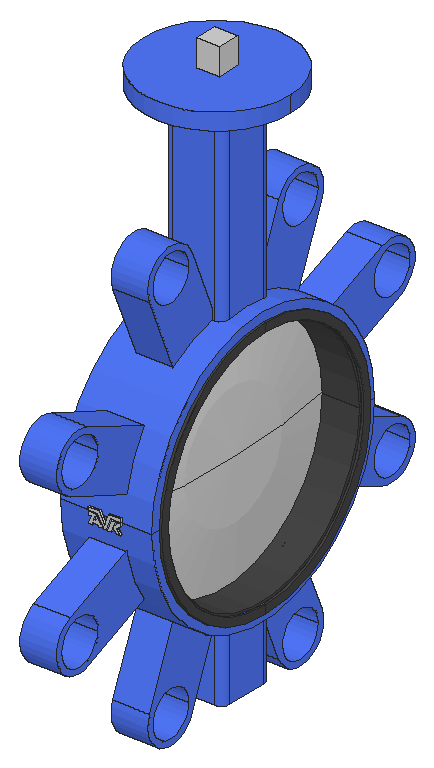
Revit family "820-10-032-DN80-150", category Pipe Accessories, Revit 2022
Family settings
  Round Connector Dimension = Use Diameter
  Part Type = Valve - Breaks Into
  Work Plane-Based = No
  Always vertical = Yes
  Cut with Voids When Loaded = No
  Shared = No
Parameters (values of type "DN150_PN10/16")
  fillet = 2 * Body_wallthickness  # 20 mm
  disk = LUG_T * 0.7  # 15.68 mm
  Rubber_R = (Body_wallthickness / 2) + ID  # 80 mm
  Lug_D1 = Lug_D * 1.75  # 30.625 mm
  W2_ref = size_lookup(Search_table, "W2", 0 mm, DN)  # 210 mm
  URL product pages = "https://www.avkvalves.com/P.aspx?no=820008010541E0160002"
  Search_table = "820-10-032-DN80-150"
  PCD = size_lookup(Search_table, "PCD", 0 mm, DN) / 2  # 125 mm
  Lug_D = (Hole_dia / 2) * 1.25  # 17.5 mm
  L_ref_3 = L_ref / 1.2  # 30 mm
  L_ref_2 = L_ref * 2  # 72 mm
  L_ref = L - (Flange_thickness * 2)  # 36 mm
  LUG_T = L * 0.4  # 22.4 mm
  L2 = size_lookup(Search_table, "L2", 0 mm, DN) / 2  # 137 mm
  L = size_lookup(Search_table, "L", 0 mm, DN)  # 56 mm
  ID = DN / 2  # 75 mm
  Hole_l = L2 - Lug_D  # 119.5 mm
  Hole_dia = size_lookup(Search_table, "Hole_dia", 0 mm, DN)  # 28 mm
  H2 = size_lookup(Search_table, "H2", 0 mm, DN)  # 128 mm
  Flange_thickness = size_lookup(Search_table, "Flange_Thickness", 0 mm, DN)  # 10 mm
  F2 = size_lookup(Search_table, "F2", 0 mm, DN)  # 16 mm
  F = size_lookup(Search_table, "F", 0 mm, DN)  # 14 mm
  EPDM = ID - 1 mm  # 74 mm
  Description_ = "AVK CENTRIC BUTTERFLY VALVE LUG TYPE, PN10/16"
  Default Elevation = 0 mm
  DN = 150 mm
  Body_wallthickness = 10 mm  # constant formula
  DN150_PN10/16 = "820-0150-10-541E0160002"
  DN125_PN10/16 = "820-0125-10-541E0160002"
  DN100_PN10/16 = "820-0100-10-541E0160002"
  DN080_PN10/16 = "820-0080-10-541E0160002"
  Actuator_Dia = size_lookup(Search_table, "Actuator_Dia", 0 mm, DN)  # 90 mm
  2 = 2 mm  # constant formula
Types (5, lengths in mm): name | disk | Rubber_R | Lug_D1 | W2_ref | PCD | Lug_D | L_ref_3 | L_ref_2 | L_ref | LUG_T | L2 | L | ID | Hole_l | Hole_dia | H2 | F2 | F | EPDM | DN | Actuator_Dia
  (no name) | 15.68 | 80 | 30.625 | 210 | 125 | 17.5 | 30 | 72 | 36 | 22.4 | 137 | 56 | 75 | 119.5 | 28 | 128 | 16 | 14 | 74 | 150 | 90
  DN080_PN10/16 | 12.88 | 45 | 20.781 | 160 | 80 | 11.875 | 21.667 | 52 | 26 | 18.4 | 94 | 46 | 40 | 82.125 | 19 | 88 | 12 | 11 | 39 | 80 | 65
  DN100_PN10/16 | 14.56 | 55 | 25.156 | 180 | 95 | 14.375 | 26.667 | 64 | 32 | 20.8 | 109.5 | 52 | 50 | 95.125 | 23 | 102 | 12 | 11 | 49 | 100 | 90
  DN125_PN10/16 | 15.68 | 67.5 | 30.625 | 195 | 110 | 17.5 | 30 | 72 | 36 | 22.4 | 124 | 56 | 62.5 | 106.5 | 28 | 116 | 16 | 14 | 61.5 | 125 | 90
  DN150_PN10/16 | 15.68 | 80 | 30.625 | 210 | 125 | 17.5 | 30 | 72 | 36 | 22.4 | 137 | 56 | 75 | 119.5 | 28 | 128 | 16 | 14 | 74 | 150 | 90
Reference planes
  plane 1 "Center (Front/Back)": y = 0
  plane 2: z = 0
  plane 3 "Center (Left/Right)": x = 0
  plane 4: z = 210
  plane 5: z = -128
  plane 6: y = 18
  plane 7: x = -18
  plane 8: y = -18
  plane 9: x = 18
  plane 10: x = -13
  plane 11: x = 13
  plane 12: y = -13
  plane 13: y = -13
  plane 14: x = -13
  plane 15: x = 13
  plane 16: y = 13
  plane 17: y = 13
  plane 18: z = 226
  plane 19: z = 75
  plane 20: z = -75
  plane 21: y = -137
  plane 22: y = 137
  plane 23: x = -28
  plane 24: x = 28
  plane 25: through (0, 0, 0) normal (0, 0.9239, 0.3827)
  plane 26: x = -11.2
  plane 27: x = 11.2
  plane 28: through (0, 0, 0) normal (0, 0.9239, -0.3827)
  plane 29: through (0, 0, 0) normal (0, 0.3827, 0.9239)
  plane 30: through (0, 0, 0) normal (0, -0.3827, 0.9239)
  plane 31: x = -7
  plane 32: x = 7
  plane 33: through (0, 0, 0) normal (0, 0.3827, 0.9239)
  plane 34: y = 45
  plane 35: y = -45
  plane 36: x = -45
  plane 37: x = 45
Forms (mm)
  Revolve 1, solid, material "Plastic"
    sketch origin (0, 0, 0) x (1, 0, 0) y (0, 1, 0)
      loop
        line (-28, 85) -> (-28, 75) -> (28, 75) -> (28, 85) -> (-28, 85)
      axis (-28, 0) -> (28, 0)
    angle from 0 to 360
  Extrusion 2, solid, material "Plastic"
    sketch origin (0, 0, 0) x (1, 0, 0) y (0, 1, 0)
      loop
        arc (-13, 18) -> (-16.536, 16.536) -> (-18, 13) r 5
        line (-18, 13) -> (-18, -13)
        arc (-18, -13) -> (-16.536, -16.536) -> (-13, -18) r 5
        line (-13, -18) -> (13, -18)
        arc (13, -18) -> (16.536, -16.536) -> (18, -13) r 5
        line (18, -13) -> (18, 13)
        arc (18, 13) -> (16.536, 16.536) -> (13, 18) r 5
        line (13, 18) -> (-13, 18)
    from -128 to 200
  Extrusion 3, solid, material "Plastic"
    sketch origin (0, 0, 0) x (1, 0, 0) y (0, 1, 0)
      loop
        circle (0, 0) r 45
    from 200 to 210
  Extrusion 4, solid, material "Stainless Steel AISI 304"
    sketch origin (0, 0, 0) x (1, 0, 0) y (0, 1, 0)
      loop
        line (-7, 7) -> (-7, -7) -> (7, -7) -> (7, 7) -> (-7, 7)
    from 210 to 226
  Revolve 5, void
    sketch origin (0, 0, 0) x (1, 0, 0) y (0, 1, 0)
      loop
        line (-28, 75) -> (-28, 0) -> (28, 0) -> (28, 75) -> (-28, 75)
      axis (-28, 0) -> (28, 0)
    angle from 0 to 360
  Extrusion 6, solid, material "Plastic"
    sketch origin (0, 0, 0) x (0, 1, 0) y (0, 0, 1)
      loop
        arc (-33.331, 126.197) -> (-56.195, 135.668) -> (-65.666, 112.803) r 17.5
        line (-65.666, 112.803) -> (33.331, -126.197)
        arc (33.331, -126.197) -> (56.195, -135.668) -> (65.666, -112.803) r 17.5
        line (65.666, -112.803) -> (-33.331, 126.197)
      loop
        circle (-49.499, 119.5) r 14
      loop
        circle (49.499, -119.5) r 14
    from -11.2 to 11.2
  Extrusion 7, solid, material "Plastic"
    sketch origin (0, 0, 0) x (0, -1, 0) y (0, 0, -1)
      loop
        line (-33.331, -126.197) -> (65.666, 112.803)
        arc (65.666, 112.803) -> (56.195, 135.668) -> (33.331, 126.197) r 17.5
        line (33.331, 126.197) -> (-65.666, -112.803)
        arc (-65.666, -112.803) -> (-56.195, -135.668) -> (-33.331, -126.197) r 17.5
      loop
        circle (-49.499, -119.5) r 14
      loop
        circle (49.499, 119.5) r 14
    from -11.2 to 11.2
  Extrusion 8, solid, material "Plastic"
    sketch origin (0, 0, 0) x (0, 1, 0) y (0, 0, 1)
      loop
        line (126.197, -33.331) -> (-112.803, 65.666)
        arc (-112.803, 65.666) -> (-135.668, 56.195) -> (-126.197, 33.331) r 17.5
        line (-126.197, 33.331) -> (112.803, -65.666)
        arc (112.803, -65.666) -> (135.668, -56.195) -> (126.197, -33.331) r 17.5
      loop
        circle (-119.5, 49.499) r 14
      loop
        circle (119.5, -49.499) r 14
    from -11.2 to 11.2
  Extrusion 9, solid, material "Plastic"
    sketch origin (0, 0, 0) x (0, 1, 0) y (0, 0, 1)
      loop
        arc (126.197, 33.331) -> (135.668, 56.195) -> (112.803, 65.666) r 17.5
        line (112.803, 65.666) -> (-126.197, -33.331)
        arc (-126.197, -33.331) -> (-135.668, -56.195) -> (-112.803, -65.666) r 17.5
        line (-112.803, -65.666) -> (126.197, 33.331)
      loop
        circle (-119.5, -49.499) r 14
      loop
        circle (119.5, 49.499) r 14
    from 11.2 to -11.2
  Extrusion 10, void
    sketch origin (0, 0, 0) x (0, -1, 0) y (0, 0, 1)
      loop
        circle (0, 0) r 75
    from -28 to 28
  Revolve 11, solid, material "Stainless Steel AISI 304"
    sketch origin (0, 0, 0) x (1, 0, 0) y (0, 1, 0)
      loop
        line (-11.2, 0) -> (11.2, 0)
        arc (11.2, 0) -> (10.018, 37.695) -> (4.48, 75) r 325.233
        line (4.48, 75) -> (-4.48, 75)
        arc (-4.48, 75) -> (-10.018, 37.695) -> (-11.2, 0) r 325.233
      axis (11.2, 0) -> (-11.2, 0)
    angle from 0 to 360
  Revolve 12, solid, material "Default Wall"
    sketch origin (0, 0, 0) x (1, 0, 0) y (0, 1, 0)
      loop
        line (-28, 75) -> (-28, 74) -> (28, 74) -> (28, 75) -> (-28, 75)
      axis (28, 0) -> (-28, 0)
    angle from 0 to 360
  Revolve 13, solid, material "Default Wall"
    sketch origin (0, 0, 0) x (1, 0, 0) y (0, 0, 1)
      loop
        line (30, 80) -> (28, 80) -> (28, 75) -> (30, 75) -> (30, 80)
      loop
        line (-28, 80) -> (-30, 80) -> (-30, 75) -> (-28, 75) -> (-28, 80)
      axis (30, 0) -> (-30, 0)
    angle from 0 to 360
Cuts and joins
  Revolve 5, Extrusion 10 cuts Revolve 1
  Revolve 5, Extrusion 10 cuts Extrusion 2
  Extrusion 10 cuts Extrusion 6
  Extrusion 10 cuts Extrusion 7
  Extrusion 10 cuts Extrusion 8
  Extrusion 10 cuts Extrusion 9
Dimensions and locks
  equal spacing: Revolve 1 sketch curve, plane 3 "Center (Left/Right)", Revolve 1 sketch curve
  "ID": plane 1 "Center (Front/Back)" to Revolve 1 sketch curve
  "Body_wallthickness": Revolve 1 sketch curve to Revolve 1 sketch curve
  "W2_ref": plane 4 to level
  "H2": level to plane 5
  locked: plane 7 to plane 10 at 5
  locked: plane 11 to plane 9 at 5
  locked: plane 6 to plane 16 at 5
  locked: plane 12 to plane 8 at 5
  locked: plane 15 to plane 9 at 5
  locked: plane 7 to plane 14 at 5
  locked: plane 13 to plane 8 at 5
  locked: plane 17 to plane 6 at 5
  equal spacing: plane 7, plane 3 "Center (Left/Right)", plane 9
  "L_ref": plane 7 to plane 9
  equal spacing: plane 6, plane 1 "Center (Front/Back)", plane 8
  "L_ref": plane 6 to plane 8
  "Flange_thickness": plane 4 to Extrusion 3
  "F2": plane 18 to plane 4
  equal spacing: plane 19, level, plane 20
  "ID": plane 19 to level
  "L2": plane 1 "Center (Front/Back)" to plane 21
  equal spacing: plane 22, plane 1 "Center (Front/Back)", plane 21
  plane 18 to plane 4 = 16 mm
  equal spacing: Extrusion 4 sketch curve, plane 3 "Center (Left/Right)", Extrusion 4 sketch curve
  equal spacing: Extrusion 4 sketch curve, plane 1 "Center (Front/Back)", Extrusion 4 sketch curve
  "F": Extrusion 4 sketch curve to Extrusion 4 sketch curve  (x2)
  equal spacing: plane 24, plane 3 "Center (Left/Right)", plane 23
  "L": plane 24 to plane 23
  equal spacing: Revolve 5 sketch curve, plane 3 "Center (Left/Right)", Revolve 5 sketch curve
  "L": Revolve 5 sketch curve to Revolve 5 sketch curve
  "ID": plane 1 "Center (Front/Back)" to Revolve 5 sketch curve
  "L": Revolve 1 sketch curve to Revolve 1 sketch curve
  "Flange_thickness": plane 4 to cut or joined group of Extrusion 2, Revolve 5, Extrusion 10
  equal spacing: plane 23, Extrusion 3 sketch curve, plane 24
  equal spacing: plane 21, Extrusion 3 sketch curve, plane 22
  equal spacing: Extrusion 6 sketch curve, plane 25, Extrusion 6 sketch curve  (x3)
  "Lug_D": Extrusion 6 sketch curve to plane 25
  "L2": Extrusion 6 sketch curve to level
  "L2": level to Extrusion 6 sketch curve
  equal spacing: Extrusion 6, plane 3 "Center (Left/Right)", Extrusion 6
  equal spacing: plane 27, plane 3 "Center (Left/Right)", plane 26
  "LUG_T": plane 27 to plane 26
  equal spacing: Extrusion 7 sketch curve, plane 28, Extrusion 7 sketch curve  (x3)
  "Lug_D": Extrusion 7 sketch curve to plane 28
  Extrusion 7 to Extrusion 7 = 22.4 mm
  "L2": Extrusion 7 sketch curve to level
  "L2": level to Extrusion 7 sketch curve
  equal spacing: Extrusion 7, plane 3 "Center (Left/Right)", Extrusion 7
  "Lug_D": Extrusion 8 sketch curve to plane 29
  equal spacing: Extrusion 8 sketch curve, plane 29, Extrusion 8 sketch curve  (x3)
  "L2": plane 1 "Center (Front/Back)" to Extrusion 8 sketch curve
  "L2": Extrusion 8 sketch curve to plane 1 "Center (Front/Back)"
  "Lug_D": Extrusion 9 sketch curve to plane 30
  equal spacing: Extrusion 9 sketch curve, plane 30, Extrusion 9 sketch curve  (x3)
  "L2": Extrusion 9 sketch curve to plane 1 "Center (Front/Back)"
  "L2": plane 1 "Center (Front/Back)" to Extrusion 9 sketch curve
  equal spacing: Extrusion 8, plane 3 "Center (Left/Right)", Extrusion 8
  equal spacing: Extrusion 9, plane 3 "Center (Left/Right)", Extrusion 9
  "LUG_T": plane 26 to Revolve 11 sketch curve
  "LUG_T": Revolve 11 sketch curve to plane 27
  equal spacing: Revolve 11 sketch curve, plane 3 "Center (Left/Right)", Revolve 11 sketch curve
  "disk": plane 26 to Revolve 11 sketch curve
  equal spacing: Revolve 12 sketch curve, plane 3 "Center (Left/Right)", Revolve 12 sketch curve
  "EPDM": plane 1 "Center (Front/Back)" to Revolve 12 sketch curve
  "ID": plane 1 "Center (Front/Back)" to Revolve 12 sketch curve
  "ID": plane 1 "Center (Front/Back)" to Revolve 11 sketch curve
  equal spacing: plane 24, nested 1, plane 23
  plane 22 to plane 21 = 274 mm
  plane 24 to plane 23 = 56 mm
  equal spacing: plane 32, plane 3 "Center (Left/Right)", plane 31
  "F": plane 32 to plane 31
  equal spacing: plane 34, plane 1 "Center (Front/Back)", plane 35
  "Actuator_Dia": plane 34 to plane 35
  equal spacing: plane 37, plane 3 "Center (Left/Right)", plane 36
  "Actuator_Dia": plane 37 to plane 36
  equal spacing: Revolve 13 sketch curve, plane 3 "Center (Left/Right)", Revolve 13 sketch curve  (x2)
  "2": Revolve 13 sketch curve to plane 24
  "ID": level to Revolve 13 sketch curve
  "Rubber_R": level to Revolve 13 sketch curve
  "Actuator_Dia": diameter of Extrusion 3 sketch curve
  "Hole_dia": diameter of Extrusion 7 sketch curve  (x2)
  "Hole_dia": diameter of Extrusion 6 sketch curve  (x2)
  "Hole_dia": diameter of Extrusion 9 sketch curve  (x2)
  "Hole_dia": diameter of Extrusion 8 sketch curve  (x2)
  angle plane 25 to plane 1 "Center (Front/Back)" = 22.50°
  angle plane 1 "Center (Front/Back)" to plane 28 = 22.50°
  angle level to plane 33 = 22.50°
  aligned and locked: level to plane 2
  aligned and locked: plane 1 "Center (Front/Back)" to Revolve 1 sketch curve
  aligned and locked: plane 11 to Extrusion 2 sketch curve
  aligned and locked: plane 6 to Extrusion 2 sketch curve  (x2)
  aligned and locked: plane 16 to Extrusion 2 sketch curve
  aligned and locked: plane 9 to Extrusion 2 sketch curve  (x2)
  aligned and locked: plane 12 to Extrusion 2 sketch curve
  aligned and locked: plane 8 to Extrusion 2 sketch curve  (x2)
  aligned and locked: plane 15 to Extrusion 2 sketch curve
  aligned and locked: plane 14 to Extrusion 2 sketch curve
  aligned and locked: plane 7 to Extrusion 2 sketch curve  (x2)
  aligned and locked: plane 13 to Extrusion 2 sketch curve
  aligned and locked: plane 17 to Extrusion 2 sketch curve
  aligned and locked: plane 10 to Extrusion 2 sketch curve
  aligned and locked: Extrusion 2 to plane 5
  aligned and locked: Extrusion 3 to plane 4
  aligned and locked: plane 18 to Extrusion 4
  aligned and locked: plane 4 to Extrusion 4
  aligned and locked: Revolve 5 sketch curve to plane 1 "Center (Front/Back)"
  aligned and locked: plane 1 "Center (Front/Back)" to Revolve 5 sketch curve
  aligned and locked: Extrusion 6 to plane 27
  aligned and locked: Extrusion 7 to plane 27
  aligned and locked: Extrusion 8 to plane 26
  aligned and locked: Extrusion 9 to plane 26
  aligned and locked: Extrusion 10 sketch curve to cut or joined group of Revolve 1, Revolve 5, Extrusion 10  (x2)
  aligned and locked: Extrusion 10 to Revolve 1  (x2)
  aligned and locked: Revolve 11 sketch curve to plane 1 "Center (Front/Back)"
  aligned and locked: plane 23 to Revolve 12 sketch curve
  aligned and locked: Revolve 12 sketch curve to plane 1 "Center (Front/Back)"
  aligned and locked: Revolve 13 sketch curve to Revolve 13 sketch curve  (x2)
  aligned and locked: plane 24 to Revolve 13 sketch curve
  aligned and locked: Revolve 13 sketch curve to level
Automatic sketch dimensions
  Revolve 1 sketch curve to plane 23 = 0 mm
  Revolve 1 sketch curve to plane 24 = 0 mm
  Revolve 5 sketch curve to plane 36 = 54.85 mm
  Revolve 5 sketch curve to plane 37 = 78.85 mm
  Extrusion 6 sketch curve to Extrusion 6 sketch curve = 0 mm  (x3)
  Extrusion 7 sketch curve to Extrusion 7 sketch curve = 0 mm  (x3)
  Extrusion 8 sketch curve to Extrusion 8 sketch curve = 0 mm  (x3)
  Extrusion 9 sketch curve to Extrusion 9 sketch curve = 0 mm  (x3)
  Revolve 11 sketch curve to plane 23 = 0 mm
  plane 1 "Center (Front/Back)" to Revolve 11 sketch curve = 0 mm
  Revolve 11 sketch curve to plane 1 "Center (Front/Back)" = 8.671 mm  (x2)
  Revolve 11 sketch curve to Revolve 11 sketch curve = 14.999 mm
  Revolve 12 sketch curve to plane 37 = 50.246 mm
  Revolve 12 sketch curve to Revolve 12 sketch curve = 12.301 mm
  Revolve 13 sketch curve to plane 37 = 5.116 mm
  Revolve 13 sketch curve to Revolve 13 sketch curve = 20 mm
Nested families
  nested 1: "Latest New 3" at (0, -84.761, -6.372) x (1, 0, 0) z (0, -0.9972, -0.075), type "Latest New 3"
Connectors
  piping at (28, 0, 0), diameter 150, driven by "DN"
    settings: on Revolve 1, index 1, connector inside diameter 609.6 mm, connector length 0 mm, flow factor 0, pipe flow 0.0 L/s, pressure drop 0.0 Pa, fitting loss kfactor 0, connector angle 0.00°, fixture units 0, engagement length 0 mm, angle of deflection 0.00°, flow configuration 0, flow direction 0, fitting loss method 0, system type 7, joint type 0, gender type 0, connector reference index -1, connector utility 0, adjustable connector no, is connector primary yes, connector description ""
  piping at (-28, 0, 0), diameter 150, driven by "DN"
    settings: on cut or joined group of Revolve 1, Revolve 5, Extrusion 10, index 2, connector inside diameter 609.6 mm, connector length 0 mm, flow factor 0, pipe flow 0.0 L/s, pressure drop 0.0 Pa, fitting loss kfactor 0, connector angle 0.00°, fixture units 0, engagement length 0 mm, angle of deflection 0.00°, flow configuration 0, flow direction 0, fitting loss method 0, system type 7, joint type 0, gender type 0, connector reference index -1, connector utility 0, adjustable connector no, is connector primary no, connector description ""
Definition of nested family "Latest New 3"
  Parameters
    Default Elevation = 1219.2 mm
  Reference planes
    plane 1 "Center (Front/Back)": y = 0
    plane 2: z = 0
    plane 3 "Center (Left/Right)": x = 0
  Forms (mm)
    Extrusion 1, solid
      sketch origin (0, 0, 0) x (1, 0, 0) y (0, 1, 0)
        loop
          line (-1219.2, 1219.2) -> (-1219.2, -1219.2) -> (1219.2, -1219.2) -> (1219.2, 1219.2) -> (-1219.2, 1219.2)
      from 0 to -304.8
    Extrusion 2, solid
      sketch origin (0, 0, 0) x (1, 0, 0) y (0, 1, 0)
        loop
          line (-2.683, 9.413) -> (-9.884, 9.413) -> (-9.884, 7.46) -> (-4.022, 7.46) -> (-0.985, 0) -> (0.985, 0) -> (4.022, 7.46) -> (9.884, 7.46) -> (9.884, 9.413) -> (2.683, 9.413) -> (0, 2.824) -> (-2.683, 9.413)
        loop
          line (-4.528, 6.707) -> (-9.884, 6.707) -> (-9.884, 4.824) -> (-8.032, 4.824) -> (-9.884, 0) -> (-7.792, 0) -> (-7.394, 1.035) -> (-4.328, 1.035) -> (-3.907, 0) -> (-1.798, 0) -> (-4.528, 6.707)
        loop
          line (-6.91, 2.824) -> (-5.056, 2.824) -> (-6.01, 5.167) -> (-6.91, 2.824)
        loop
          line (1.798, 0) -> (3.907, 0) -> (4.98, 2.637) -> (6.968, 0) -> (9.413, 0) -> (7.166, 2.983)
          arc (7.166, 2.983) -> (8.216, 3.774) -> (9.007, 4.824) r 4.724
          line (9.007, 4.824) -> (9.884, 4.824) -> (9.884, 6.707) -> (8.001, 6.707)
          arc (8.001, 6.707) -> (7.315, 5.008) -> (5.642, 4.261) r 2.448
          line (5.642, 4.261) -> (6.637, 6.707) -> (4.528, 6.707) -> (1.798, 0)
      from 0 to 1
  Dimensions and locks
    aligned and locked: plane 2 to Extrusion 1
    aligned and locked: level to Extrusion 1
    aligned and locked: Extrusion 2 sketch curve to import instance  (x30)
